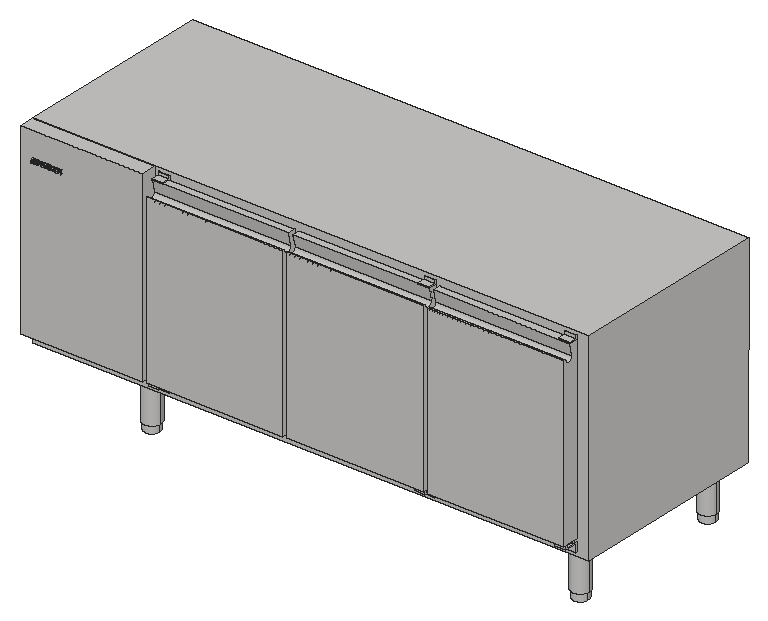
Revit family "QF_ALPENINOX_712679_AJ3F7AAA", category Specialty Equipment, Revit 2018 (continued)
Definition of nested family "APX_BI_BT_L_650"
  Lines and regions (mm)
    Split face 122
      outline origin (-5, -975.3, 50) x (1, 0, 0) y (0, 1, 0)
        loop
          line (-163.464, 661.474) -> (-121.464, 661.474)
          arc (-121.464, 661.474) -> (-117.464, 665.474) -> (-121.464, 669.474) r 4
          line (-121.464, 669.474) -> (-163.464, 669.474)
    Split face 123
      outline origin (325, -975.3, 50) x (1, 0, 0) y (0, 1, 0)
        loop
          arc (-328.464, 669.474) -> (-332.464, 665.474) -> (-328.464, 661.474) r 4
          line (-328.464, 661.474) -> (-286.464, 661.474)
          arc (-286.464, 661.474) -> (-282.464, 665.474) -> (-286.464, 669.474) r 4
          line (-286.464, 669.474) -> (-328.464, 669.474)
    Split face 124
      outline origin (105, -975.3, 50) x (1, 0, 0) y (0, 1, 0)
        loop
          arc (-218.464, 669.474) -> (-222.464, 665.474) -> (-218.464, 661.474) r 4
          line (-218.464, 661.474) -> (-176.464, 661.474)
          arc (-176.464, 661.474) -> (-172.464, 665.474) -> (-176.464, 669.474) r 4
          line (-176.464, 669.474) -> (-218.464, 669.474)
    Split face 125
      outline origin (215, -975.3, 50) x (1, 0, 0) y (0, 1, 0)
        loop
          arc (-273.464, 669.474) -> (-277.464, 665.474) -> (-273.464, 661.474) r 4
          line (-273.464, 661.474) -> (-231.464, 661.474)
          arc (-231.464, 661.474) -> (-227.464, 665.474) -> (-231.464, 669.474) r 4
          line (-231.464, 669.474) -> (-273.464, 669.474)
    Split face 126
      outline origin (-5, -999.3, 50) x (1, 0, 0) y (0, 1, 0)
        loop
          arc (-163.464, 681.474) -> (-167.464, 677.474) -> (-163.464, 673.474) r 4
          line (-163.464, 673.474) -> (-121.464, 673.474)
          arc (-121.464, 673.474) -> (-117.464, 677.474) -> (-121.464, 681.474) r 4
          line (-121.464, 681.474) -> (-163.464, 681.474)
    Split face 127
      outline origin (325, -999.3, 50) x (1, 0, 0) y (0, 1, 0)
        loop
          arc (-328.464, 681.474) -> (-332.464, 677.474) -> (-328.464, 673.474) r 4
          line (-328.464, 673.474) -> (-286.464, 673.474)
          arc (-286.464, 673.474) -> (-282.464, 677.474) -> (-286.464, 681.474) r 4
          line (-286.464, 681.474) -> (-328.464, 681.474)
    Split face 128
      outline origin (105, -999.3, 50) x (1, 0, 0) y (0, 1, 0)
        loop
          arc (-218.464, 681.474) -> (-222.464, 677.474) -> (-218.464, 673.474) r 4
          line (-218.464, 673.474) -> (-176.464, 673.474)
          arc (-176.464, 673.474) -> (-172.464, 677.474) -> (-176.464, 681.474) r 4
          line (-176.464, 681.474) -> (-218.464, 681.474)
    Split face 129
      outline origin (215, -999.3, 50) x (1, 0, 0) y (0, 1, 0)
        loop
          arc (-273.464, 681.474) -> (-277.464, 677.474) -> (-273.464, 673.474) r 4
          line (-273.464, 673.474) -> (-231.464, 673.474)
          arc (-231.464, 673.474) -> (-227.464, 677.474) -> (-231.464, 681.474) r 4
          line (-231.464, 681.474) -> (-273.464, 681.474)
    Split face 130
      outline origin (-5, -1023.3, 50) x (1, 0, 0) y (0, 1, 0)
        loop
          arc (-163.464, 693.474) -> (-167.464, 689.474) -> (-163.464, 685.474) r 4
          line (-163.464, 685.474) -> (-121.464, 685.474)
          arc (-121.464, 685.474) -> (-117.464, 689.474) -> (-121.464, 693.474) r 4
          line (-121.464, 693.474) -> (-163.464, 693.474)
    Split face 131
      outline origin (325, -1023.3, 50) x (1, 0, 0) y (0, 1, 0)
        loop
          arc (-328.464, 693.474) -> (-332.464, 689.474) -> (-328.464, 685.474) r 4
          line (-328.464, 685.474) -> (-286.464, 685.474)
          arc (-286.464, 685.474) -> (-282.464, 689.474) -> (-286.464, 693.474) r 4
          line (-286.464, 693.474) -> (-328.464, 693.474)
    Split face 132
      outline origin (105, -1023.3, 50) x (1, 0, 0) y (0, 1, 0)
        loop
          arc (-218.464, 693.474) -> (-222.464, 689.474) -> (-218.464, 685.474) r 4
          line (-218.464, 685.474) -> (-176.464, 685.474)
          arc (-176.464, 685.474) -> (-172.464, 689.474) -> (-176.464, 693.474) r 4
          line (-176.464, 693.474) -> (-218.464, 693.474)
    Split face 133
      outline origin (215, -1023.3, 50) x (1, 0, 0) y (0, 1, 0)
        loop
          arc (-273.464, 693.474) -> (-277.464, 689.474) -> (-273.464, 685.474) r 4
          line (-273.464, 685.474) -> (-231.464, 685.474)
          arc (-231.464, 685.474) -> (-227.464, 689.474) -> (-231.464, 693.474) r 4
          line (-231.464, 693.474) -> (-273.464, 693.474)
    Split face 134
      outline origin (0, 0, 50) x (1, 0, 0) y (0, 1, 0)
        loop
          arc (51.536, 131.824) -> (47.536, 127.824) -> (51.536, 123.824) r 4
          line (51.536, 123.824) -> (93.536, 123.824)
          arc (93.536, 123.824) -> (97.536, 127.824) -> (93.536, 131.824) r 4
          line (93.536, 131.824) -> (51.536, 131.824)
    Split face 135
      outline origin (0, 0, 50) x (1, 0, 0) y (0, 1, 0)
        loop
          arc (106.536, 131.824) -> (102.536, 127.824) -> (106.536, 123.824) r 4
          line (106.536, 123.824) -> (148.536, 123.824)
          arc (148.536, 123.824) -> (152.536, 127.824) -> (148.536, 131.824) r 4
          line (148.536, 131.824) -> (106.536, 131.824)
    Split face 136
      outline origin (0, -24, 50) x (1, 0, 0) y (0, 1, 0)
        loop
          arc (51.536, 143.824) -> (47.536, 139.824) -> (51.536, 135.824) r 4
          line (51.536, 135.824) -> (93.536, 135.824)
          arc (93.536, 135.824) -> (97.536, 139.824) -> (93.536, 143.824) r 4
          line (93.536, 143.824) -> (51.536, 143.824)
    Split face 137
      outline origin (0, -24, 50) x (1, 0, 0) y (0, 1, 0)
        loop
          arc (106.536, 143.824) -> (102.536, 139.824) -> (106.536, 135.824) r 4
          line (106.536, 135.824) -> (148.536, 135.824)
          arc (148.536, 135.824) -> (152.536, 139.824) -> (148.536, 143.824) r 4
          line (148.536, 143.824) -> (106.536, 143.824)
    Split face 138
      outline origin (0, -48, 50) x (1, 0, 0) y (0, 1, 0)
        loop
          arc (51.536, 155.824) -> (47.536, 151.824) -> (51.536, 147.824) r 4
          line (51.536, 147.824) -> (93.536, 147.824)
          arc (93.536, 147.824) -> (97.536, 151.824) -> (93.536, 155.824) r 4
          line (93.536, 155.824) -> (51.536, 155.824)
    Split face 139
      outline origin (0, -48, 50) x (1, 0, 0) y (0, 1, 0)
        loop
          arc (106.536, 155.824) -> (102.536, 151.824) -> (106.536, 147.824) r 4
          line (106.536, 147.824) -> (148.536, 147.824)
          arc (148.536, 147.824) -> (152.536, 151.824) -> (148.536, 155.824) r 4
          line (148.536, 155.824) -> (106.536, 155.824)
    Split face 140
      outline origin (0, -72, 50) x (1, 0, 0) y (0, 1, 0)
        loop
          arc (51.536, 167.824) -> (47.536, 163.824) -> (51.536, 159.824) r 4
          line (51.536, 159.824) -> (93.536, 159.824)
          arc (93.536, 159.824) -> (97.536, 163.824) -> (93.536, 167.824) r 4
          line (93.536, 167.824) -> (51.536, 167.824)
    Split face 141
      outline origin (0, -72, 50) x (1, 0, 0) y (0, 1, 0)
        loop
          arc (106.536, 167.824) -> (102.536, 163.824) -> (106.536, 159.824) r 4
          line (106.536, 159.824) -> (148.536, 159.824)
          arc (148.536, 159.824) -> (152.536, 163.824) -> (148.536, 167.824) r 4
          line (148.536, 167.824) -> (106.536, 167.824)
    Split face 142
      outline origin (0, -96, 50) x (1, 0, 0) y (0, 1, 0)
        loop
          arc (51.536, 179.824) -> (47.536, 175.824) -> (51.536, 171.824) r 4
          line (51.536, 171.824) -> (93.536, 171.824)
          arc (93.536, 171.824) -> (97.536, 175.824) -> (93.536, 179.824) r 4
          line (93.536, 179.824) -> (51.536, 179.824)
    Split face 143
      outline origin (0, -96, 50) x (1, 0, 0) y (0, 1, 0)
        loop
          arc (106.536, 179.824) -> (102.536, 175.824) -> (106.536, 171.824) r 4
          line (106.536, 171.824) -> (148.536, 171.824)
          arc (148.536, 171.824) -> (152.536, 175.824) -> (148.536, 179.824) r 4
          line (148.536, 179.824) -> (106.536, 179.824)
    Split face 144
      outline origin (0, -120, 50) x (1, 0, 0) y (0, 1, 0)
        loop
          arc (51.536, 191.824) -> (47.536, 187.824) -> (51.536, 183.824) r 4
          line (51.536, 183.824) -> (93.536, 183.824)
          arc (93.536, 183.824) -> (97.536, 187.824) -> (93.536, 191.824) r 4
          line (93.536, 191.824) -> (51.536, 191.824)
    Split face 145
      outline origin (0, -120, 50) x (1, 0, 0) y (0, 1, 0)
        loop
          arc (106.536, 191.824) -> (102.536, 187.824) -> (106.536, 183.824) r 4
          line (106.536, 183.824) -> (148.536, 183.824)
          arc (148.536, 183.824) -> (152.536, 187.824) -> (148.536, 191.824) r 4
          line (148.536, 191.824) -> (106.536, 191.824)
    Split face 146
      outline origin (0, -144, 50) x (1, 0, 0) y (0, 1, 0)
        loop
          arc (51.536, 203.824) -> (47.536, 199.824) -> (51.536, 195.824) r 4
          line (51.536, 195.824) -> (93.536, 195.824)
          arc (93.536, 195.824) -> (97.536, 199.824) -> (93.536, 203.824) r 4
          line (93.536, 203.824) -> (51.536, 203.824)
    Split face 147
      outline origin (0, -144, 50) x (1, 0, 0) y (0, 1, 0)
        loop
          arc (106.536, 203.824) -> (102.536, 199.824) -> (106.536, 195.824) r 4
          line (106.536, 195.824) -> (148.536, 195.824)
          arc (148.536, 195.824) -> (152.536, 199.824) -> (148.536, 203.824) r 4
          line (148.536, 203.824) -> (106.536, 203.824)
    Split face 148
      outline origin (0, -168, 50) x (1, 0, 0) y (0, 1, 0)
        loop
          arc (51.536, 215.824) -> (47.536, 211.824) -> (51.536, 207.824) r 4
          line (51.536, 207.824) -> (93.536, 207.824)
          arc (93.536, 207.824) -> (97.536, 211.824) -> (93.536, 215.824) r 4
          line (93.536, 215.824) -> (51.536, 215.824)
    Split face 149
      outline origin (0, -168, 50) x (1, 0, 0) y (0, 1, 0)
        loop
          arc (106.536, 215.824) -> (102.536, 211.824) -> (106.536, 207.824) r 4
          line (106.536, 207.824) -> (148.536, 207.824)
          arc (148.536, 207.824) -> (152.536, 211.824) -> (148.536, 215.824) r 4
          line (148.536, 215.824) -> (106.536, 215.824)
    Split face 150
      outline origin (0, -192, 50) x (1, 0, 0) y (0, 1, 0)
        loop
          arc (51.536, 227.824) -> (47.536, 223.824) -> (51.536, 219.824) r 4
          line (51.536, 219.824) -> (93.536, 219.824)
          arc (93.536, 219.824) -> (97.536, 223.824) -> (93.536, 227.824) r 4
          line (93.536, 227.824) -> (51.536, 227.824)
    Split face 151
      outline origin (0, -192, 50) x (1, 0, 0) y (0, 1, 0)
        loop
          arc (106.536, 227.824) -> (102.536, 223.824) -> (106.536, 219.824) r 4
          line (106.536, 219.824) -> (148.536, 219.824)
          arc (148.536, 219.824) -> (152.536, 223.824) -> (148.536, 227.824) r 4
          line (148.536, 227.824) -> (106.536, 227.824)
    Split face 152
      outline origin (0, -216, 50) x (1, 0, 0) y (0, 1, 0)
        loop
          arc (51.536, 239.824) -> (47.536, 235.824) -> (51.536, 231.824) r 4
          line (51.536, 231.824) -> (93.536, 231.824)
          arc (93.536, 231.824) -> (97.536, 235.824) -> (93.536, 239.824) r 4
          line (93.536, 239.824) -> (51.536, 239.824)
    Split face 153
      outline origin (0, -216, 50) x (1, 0, 0) y (0, 1, 0)
        loop
          arc (106.536, 239.824) -> (102.536, 235.824) -> (106.536, 231.824) r 4
          line (106.536, 231.824) -> (148.536, 231.824)
          arc (148.536, 231.824) -> (152.536, 235.824) -> (148.536, 239.824) r 4
          line (148.536, 239.824) -> (106.536, 239.824)
    Split face 154
      outline origin (0, -240, 50) x (1, 0, 0) y (0, 1, 0)
        loop
          arc (51.536, 251.824) -> (47.536, 247.824) -> (51.536, 243.824) r 4
          line (51.536, 243.824) -> (93.536, 243.824)
          arc (93.536, 243.824) -> (97.536, 247.824) -> (93.536, 251.824) r 4
          line (93.536, 251.824) -> (51.536, 251.824)
    Split face 155
      outline origin (0, -240, 50) x (1, 0, 0) y (0, 1, 0)
        loop
          arc (106.536, 251.824) -> (102.536, 247.824) -> (106.536, 243.824) r 4
          line (106.536, 243.824) -> (148.536, 243.824)
          arc (148.536, 243.824) -> (152.536, 247.824) -> (148.536, 251.824) r 4
          line (148.536, 251.824) -> (106.536, 251.824)
    Split face 156
      outline origin (0, -264, 50) x (1, 0, 0) y (0, 1, 0)
        loop
          arc (51.536, 263.824) -> (47.536, 259.824) -> (51.536, 255.824) r 4
          line (51.536, 255.824) -> (93.536, 255.824)
          arc (93.536, 255.824) -> (97.536, 259.824) -> (93.536, 263.824) r 4
          line (93.536, 263.824) -> (51.536, 263.824)
    Split face 157
      outline origin (0, -264, 50) x (1, 0, 0) y (0, 1, 0)
        loop
          arc (106.536, 263.824) -> (102.536, 259.824) -> (106.536, 255.824) r 4
          line (106.536, 255.824) -> (148.536, 255.824)
          arc (148.536, 255.824) -> (152.536, 259.824) -> (148.536, 263.824) r 4
          line (148.536, 263.824) -> (106.536, 263.824)
    Split face 158
      outline origin (0, -288, 50) x (1, 0, 0) y (0, 1, 0)
        loop
          arc (51.536, 275.824) -> (47.536, 271.824) -> (51.536, 267.824) r 4
          line (51.536, 267.824) -> (93.536, 267.824)
          arc (93.536, 267.824) -> (97.536, 271.824) -> (93.536, 275.824) r 4
          line (93.536, 275.824) -> (51.536, 275.824)
    Split face 159
      outline origin (0, -288, 50) x (1, 0, 0) y (0, 1, 0)
        loop
          arc (106.536, 275.824) -> (102.536, 271.824) -> (106.536, 267.824) r 4
          line (106.536, 267.824) -> (148.536, 267.824)
          arc (148.536, 267.824) -> (152.536, 271.824) -> (148.536, 275.824) r 4
          line (148.536, 275.824) -> (106.536, 275.824)
    Split face 160
      outline origin (0, -312, 50) x (1, 0, 0) y (0, 1, 0)
        loop
          arc (51.536, 287.824) -> (47.536, 283.824) -> (51.536, 279.824) r 4
          line (51.536, 279.824) -> (93.536, 279.824)
          arc (93.536, 279.824) -> (97.536, 283.824) -> (93.536, 287.824) r 4
          line (93.536, 287.824) -> (51.536, 287.824)
    Split face 161
      outline origin (0, -312, 50) x (1, 0, 0) y (0, 1, 0)
        loop
          arc (106.536, 287.824) -> (102.536, 283.824) -> (106.536, 279.824) r 4
          line (106.536, 279.824) -> (148.536, 279.824)
          arc (148.536, 279.824) -> (152.536, 283.824) -> (148.536, 287.824) r 4
          line (148.536, 287.824) -> (106.536, 287.824)
    Split face 162
      outline origin (0, -336, 50) x (1, 0, 0) y (0, 1, 0)
        loop
          arc (51.536, 299.824) -> (47.536, 295.824) -> (51.536, 291.824) r 4
          line (51.536, 291.824) -> (93.536, 291.824)
          arc (93.536, 291.824) -> (97.536, 295.824) -> (93.536, 299.824) r 4
          line (93.536, 299.824) -> (51.536, 299.824)
    Split face 163
      outline origin (0, -336, 50) x (1, 0, 0) y (0, 1, 0)
        loop
          arc (106.536, 299.824) -> (102.536, 295.824) -> (106.536, 291.824) r 4
          line (106.536, 291.824) -> (148.536, 291.824)
          arc (148.536, 291.824) -> (152.536, 295.824) -> (148.536, 299.824) r 4
          line (148.536, 299.824) -> (106.536, 299.824)
    Split face 164
      outline origin (0, -360, 50) x (1, 0, 0) y (0, 1, 0)
        loop
          arc (51.536, 311.824) -> (47.536, 307.824) -> (51.536, 303.824) r 4
          line (51.536, 303.824) -> (93.536, 303.824)
          arc (93.536, 303.824) -> (97.536, 307.824) -> (93.536, 311.824) r 4
          line (93.536, 311.824) -> (51.536, 311.824)
    Split face 165
      outline origin (0, -360, 50) x (1, 0, 0) y (0, 1, 0)
        loop
          arc (106.536, 311.824) -> (102.536, 307.824) -> (106.536, 303.824) r 4
          line (106.536, 303.824) -> (148.536, 303.824)
          arc (148.536, 303.824) -> (152.536, 307.824) -> (148.536, 311.824) r 4
          line (148.536, 311.824) -> (106.536, 311.824)
    Split face 166
      outline origin (0, -663.3, 50) x (1, 0, 0) y (0, 1, 0)
        loop
          arc (51.536, 513.474) -> (47.536, 509.474) -> (51.536, 505.474) r 4
          line (51.536, 505.474) -> (93.536, 505.474)
          arc (93.536, 505.474) -> (97.536, 509.474) -> (93.536, 513.474) r 4
          line (93.536, 513.474) -> (51.536, 513.474)
    Split face 167
      outline origin (0, -663.3, 50) x (1, 0, 0) y (0, 1, 0)
        loop
          arc (106.536, 513.474) -> (102.536, 509.474) -> (106.536, 505.474) r 4
          line (106.536, 505.474) -> (148.536, 505.474)
          arc (148.536, 505.474) -> (152.536, 509.474) -> (148.536, 513.474) r 4
          line (148.536, 513.474) -> (106.536, 513.474)
    Split face 168
      outline origin (0, -687.3, 50) x (1, 0, 0) y (0, 1, 0)
        loop
          arc (51.536, 525.474) -> (47.536, 521.474) -> (51.536, 517.474) r 4
          line (51.536, 517.474) -> (93.536, 517.474)
          arc (93.536, 517.474) -> (97.536, 521.474) -> (93.536, 525.474) r 4
          line (93.536, 525.474) -> (51.536, 525.474)
    Split face 169
      outline origin (0, -687.3, 50) x (1, 0, 0) y (0, 1, 0)
        loop
          arc (106.536, 525.474) -> (102.536, 521.474) -> (106.536, 517.474) r 4
          line (106.536, 517.474) -> (148.536, 517.474)
          arc (148.536, 517.474) -> (152.536, 521.474) -> (148.536, 525.474) r 4
          line (148.536, 525.474) -> (106.536, 525.474)
    Split face 170
      outline origin (0, -711.3, 50) x (1, 0, 0) y (0, 1, 0)
        loop
          arc (51.536, 537.474) -> (47.536, 533.474) -> (51.536, 529.474) r 4
          line (51.536, 529.474) -> (93.536, 529.474)
          arc (93.536, 529.474) -> (97.536, 533.474) -> (93.536, 537.474) r 4
          line (93.536, 537.474) -> (51.536, 537.474)
    Split face 171
      outline origin (0, -711.3, 50) x (1, 0, 0) y (0, 1, 0)
        loop
          arc (106.536, 537.474) -> (102.536, 533.474) -> (106.536, 529.474) r 4
          line (106.536, 529.474) -> (148.536, 529.474)
          arc (148.536, 529.474) -> (152.536, 533.474) -> (148.536, 537.474) r 4
          line (148.536, 537.474) -> (106.536, 537.474)
    Split face 172
      outline origin (0, -735.3, 50) x (1, 0, 0) y (0, 1, 0)
        loop
          arc (51.536, 549.474) -> (47.536, 545.474) -> (51.536, 541.474) r 4
          line (51.536, 541.474) -> (93.536, 541.474)
          arc (93.536, 541.474) -> (97.536, 545.474) -> (93.536, 549.474) r 4
          line (93.536, 549.474) -> (51.536, 549.474)
    Split face 173
      outline origin (0, -735.3, 50) x (1, 0, 0) y (0, 1, 0)
        loop
          arc (106.536, 549.474) -> (102.536, 545.474) -> (106.536, 541.474) r 4
          line (106.536, 541.474) -> (148.536, 541.474)
          arc (148.536, 541.474) -> (152.536, 545.474) -> (148.536, 549.474) r 4
          line (148.536, 549.474) -> (106.536, 549.474)
    Split face 174
      outline origin (0, -759.3, 50) x (1, 0, 0) y (0, 1, 0)
        loop
          arc (51.536, 561.474) -> (47.536, 557.474) -> (51.536, 553.474) r 4
          line (51.536, 553.474) -> (93.536, 553.474)
          arc (93.536, 553.474) -> (97.536, 557.474) -> (93.536, 561.474) r 4
          line (93.536, 561.474) -> (51.536, 561.474)
    Split face 175
      outline origin (0, -759.3, 50) x (1, 0, 0) y (0, 1, 0)
        loop
          arc (106.536, 561.474) -> (102.536, 557.474) -> (106.536, 553.474) r 4
          line (106.536, 553.474) -> (148.536, 553.474)
          arc (148.536, 553.474) -> (152.536, 557.474) -> (148.536, 561.474) r 4
          line (148.536, 561.474) -> (106.536, 561.474)
    Split face 176
      outline origin (0, -783.3, 50) x (1, 0, 0) y (0, 1, 0)
        loop
          arc (51.536, 573.474) -> (47.536, 569.474) -> (51.536, 565.474) r 4
          line (51.536, 565.474) -> (93.536, 565.474)
          arc (93.536, 565.474) -> (97.536, 569.474) -> (93.536, 573.474) r 4
          line (93.536, 573.474) -> (51.536, 573.474)
    Split face 177
      outline origin (0, -783.3, 50) x (1, 0, 0) y (0, 1, 0)
        loop
          arc (106.536, 573.474) -> (102.536, 569.474) -> (106.536, 565.474) r 4
          line (106.536, 565.474) -> (148.536, 565.474)
          arc (148.536, 565.474) -> (152.536, 569.474) -> (148.536, 573.474) r 4
          line (148.536, 573.474) -> (106.536, 573.474)
    Split face 178
      outline origin (0, -807.3, 50) x (1, 0, 0) y (0, 1, 0)
        loop
          arc (51.536, 585.474) -> (47.536, 581.474) -> (51.536, 577.474) r 4
          line (51.536, 577.474) -> (93.536, 577.474)
          arc (93.536, 577.474) -> (97.536, 581.474) -> (93.536, 585.474) r 4
          line (93.536, 585.474) -> (51.536, 585.474)
    Split face 179
      outline origin (0, -807.3, 50) x (1, 0, 0) y (0, 1, 0)
        loop
          arc (106.536, 585.474) -> (102.536, 581.474) -> (106.536, 577.474) r 4
          line (106.536, 577.474) -> (148.536, 577.474)
          arc (148.536, 577.474) -> (152.536, 581.474) -> (148.536, 585.474) r 4
          line (148.536, 585.474) -> (106.536, 585.474)
    Split face 180
      outline origin (0, -831.3, 50) x (1, 0, 0) y (0, 1, 0)
        loop
          arc (51.536, 597.474) -> (47.536, 593.474) -> (51.536, 589.474) r 4
          line (51.536, 589.474) -> (93.536, 589.474)
          arc (93.536, 589.474) -> (97.536, 593.474) -> (93.536, 597.474) r 4
          line (93.536, 597.474) -> (51.536, 597.474)
    Split face 181
      outline origin (0, -831.3, 50) x (1, 0, 0) y (0, 1, 0)
        loop
          arc (106.536, 597.474) -> (102.536, 593.474) -> (106.536, 589.474) r 4
          line (106.536, 589.474) -> (148.536, 589.474)
          arc (148.536, 589.474) -> (152.536, 593.474) -> (148.536, 597.474) r 4
          line (148.536, 597.474) -> (106.536, 597.474)
    Split face 182
      outline origin (0, -855.3, 50) x (1, 0, 0) y (0, 1, 0)
        loop
          arc (51.536, 609.474) -> (47.536, 605.474) -> (51.536, 601.474) r 4
          line (51.536, 601.474) -> (93.536, 601.474)
          arc (93.536, 601.474) -> (97.536, 605.474) -> (93.536, 609.474) r 4
          line (93.536, 609.474) -> (51.536, 609.474)
    Split face 183
      outline origin (0, -855.3, 50) x (1, 0, 0) y (0, 1, 0)
        loop
          arc (106.536, 609.474) -> (102.536, 605.474) -> (106.536, 601.474) r 4
          line (106.536, 601.474) -> (148.536, 601.474)
          arc (148.536, 601.474) -> (152.536, 605.474) -> (148.536, 609.474) r 4
          line (148.536, 609.474) -> (106.536, 609.474)
    Split face 184
      outline origin (0, -879.3, 50) x (1, 0, 0) y (0, 1, 0)
        loop
          arc (51.536, 621.474) -> (47.536, 617.474) -> (51.536, 613.474) r 4
          line (51.536, 613.474) -> (93.536, 613.474)
          arc (93.536, 613.474) -> (97.536, 617.474) -> (93.536, 621.474) r 4
          line (93.536, 621.474) -> (51.536, 621.474)
    Split face 185
      outline origin (0, -879.3, 50) x (1, 0, 0) y (0, 1, 0)
        loop
          arc (106.536, 621.474) -> (102.536, 617.474) -> (106.536, 613.474) r 4
          line (106.536, 613.474) -> (148.536, 613.474)
          arc (148.536, 613.474) -> (152.536, 617.474) -> (148.536, 621.474) r 4
          line (148.536, 621.474) -> (106.536, 621.474)
    Split face 186
      outline origin (0, -903.3, 50) x (1, 0, 0) y (0, 1, 0)
        loop
          arc (51.536, 633.474) -> (47.536, 629.474) -> (51.536, 625.474) r 4
          line (51.536, 625.474) -> (93.536, 625.474)
          arc (93.536, 625.474) -> (97.536, 629.474) -> (93.536, 633.474) r 4
          line (93.536, 633.474) -> (51.536, 633.474)
    Split face 187
      outline origin (0, -903.3, 50) x (1, 0, 0) y (0, 1, 0)
        loop
          arc (106.536, 633.474) -> (102.536, 629.474) -> (106.536, 625.474) r 4
          line (106.536, 625.474) -> (148.536, 625.474)
          arc (148.536, 625.474) -> (152.536, 629.474) -> (148.536, 633.474) r 4
          line (148.536, 633.474) -> (106.536, 633.474)
    Split face 188
      outline origin (0, -927.3, 50) x (1, 0, 0) y (0, 1, 0)
        loop
          arc (51.536, 645.474) -> (47.536, 641.474) -> (51.536, 637.474) r 4
          line (51.536, 637.474) -> (93.536, 637.474)
          arc (93.536, 637.474) -> (97.536, 641.474) -> (93.536, 645.474) r 4
          line (93.536, 645.474) -> (51.536, 645.474)
    Split face 189
      outline origin (0, -927.3, 50) x (1, 0, 0) y (0, 1, 0)
        loop
          arc (106.536, 645.474) -> (102.536, 641.474) -> (106.536, 637.474) r 4
          line (106.536, 637.474) -> (148.536, 637.474)
          arc (148.536, 637.474) -> (152.536, 641.474) -> (148.536, 645.474) r 4
          line (148.536, 645.474) -> (106.536, 645.474)
    Split face 190
      outline origin (0, -951.3, 50) x (1, 0, 0) y (0, 1, 0)
        loop
          arc (51.536, 657.474) -> (47.536, 653.474) -> (51.536, 649.474) r 4
          line (51.536, 649.474) -> (93.536, 649.474)
          arc (93.536, 649.474) -> (97.536, 653.474) -> (93.536, 657.474) r 4
          line (93.536, 657.474) -> (51.536, 657.474)
    Split face 191
      outline origin (0, -951.3, 50) x (1, 0, 0) y (0, 1, 0)
        loop
          arc (106.536, 657.474) -> (102.536, 653.474) -> (106.536, 649.474) r 4
          line (106.536, 649.474) -> (148.536, 649.474)
          arc (148.536, 649.474) -> (152.536, 653.474) -> (148.536, 657.474) r 4
          line (148.536, 657.474) -> (106.536, 657.474)
    Split face 192
      outline origin (0, -975.3, 50) x (1, 0, 0) y (0, 1, 0)
        loop
          arc (51.536, 669.474) -> (47.536, 665.474) -> (51.536, 661.474) r 4
          line (51.536, 661.474) -> (93.536, 661.474)
          arc (93.536, 661.474) -> (97.536, 665.474) -> (93.536, 669.474) r 4
          line (93.536, 669.474) -> (51.536, 669.474)
    Split face 193
      outline origin (0, -975.3, 50) x (1, 0, 0) y (0, 1, 0)
        loop
          arc (106.536, 669.474) -> (102.536, 665.474) -> (106.536, 661.474) r 4
          line (106.536, 661.474) -> (148.536, 661.474)
          arc (148.536, 661.474) -> (152.536, 665.474) -> (148.536, 669.474) r 4
          line (148.536, 669.474) -> (106.536, 669.474)
    Split face 194
      outline origin (0, -999.3, 50) x (1, 0, 0) y (0, 1, 0)
        loop
          arc (51.536, 681.474) -> (47.536, 677.474) -> (51.536, 673.474) r 4
          line (51.536, 673.474) -> (93.536, 673.474)
          arc (93.536, 673.474) -> (97.536, 677.474) -> (93.536, 681.474) r 4
          line (93.536, 681.474) -> (51.536, 681.474)
    Split face 195
      outline origin (0, -999.3, 50) x (1, 0, 0) y (0, 1, 0)
        loop
          arc (106.536, 681.474) -> (102.536, 677.474) -> (106.536, 673.474) r 4
          line (106.536, 673.474) -> (148.536, 673.474)
          arc (148.536, 673.474) -> (152.536, 677.474) -> (148.536, 681.474) r 4
          line (148.536, 681.474) -> (106.536, 681.474)
    Split face 196
      outline origin (0, -1023.3, 50) x (1, 0, 0) y (0, 1, 0)
        loop
          arc (51.536, 693.474) -> (47.536, 689.474) -> (51.536, 685.474) r 4
          line (51.536, 685.474) -> (93.536, 685.474)
          arc (93.536, 685.474) -> (97.536, 689.474) -> (93.536, 693.474) r 4
          line (93.536, 693.474) -> (51.536, 693.474)
    Split face 197
      outline origin (0, -1023.3, 50) x (1, 0, 0) y (0, 1, 0)
        loop
          arc (106.536, 693.474) -> (102.536, 689.474) -> (106.536, 685.474) r 4
          line (106.536, 685.474) -> (148.536, 685.474)
          arc (148.536, 685.474) -> (152.536, 689.474) -> (148.536, 693.474) r 4
          line (148.536, 693.474) -> (106.536, 693.474)
    Split face 198
      outline origin (100, 0, 50) x (1, 0, 0) y (0, 1, 0)
        loop
          line (87.08, 183) -> (-272.92, 183)
          arc (-272.92, 183) -> (-290.42, 165.5) -> (-272.92, 148) r 17.5
          line (-272.92, 148) -> (87.08, 148)
    symbolic lines
      curve 1: line (187.08, -49, 50) -> (187.08, -49, 0)
  Dimensions and locks
    equal spacing: plane 4, plane 3 "Center (Left/Right)", plane 5
    equal spacing: plane 6, plane 1 "Center (Front/Back)", plane 7
    aligned and locked: plane 2 to Extrusion 1
    aligned and locked: level to Extrusion 1
  Automatic sketch dimensions
    Split face 4 sketch curve to Split face 4 sketch curve = 42 mm
    Split face 4 sketch curve to Split face 4 sketch curve = 4 mm
    Split face 5 sketch curve to Split face 5 sketch curve = 42 mm
    Split face 5 sketch curve to Split face 5 sketch curve = 4 mm
    Split face 6 sketch curve to Split face 6 sketch curve = 42 mm
    Split face 6 sketch curve to Split face 6 sketch curve = 4 mm
    Split face 7 sketch curve to Split face 7 sketch curve = 42 mm
    Split face 7 sketch curve to Split face 7 sketch curve = 4 mm
    Split face 8 sketch curve to Split face 8 sketch curve = 42 mm
    Split face 8 sketch curve to Split face 8 sketch curve = 4 mm
    Split face 9 sketch curve to Split face 9 sketch curve = 42 mm
    Split face 9 sketch curve to Split face 9 sketch curve = 4 mm
    Split face 10 sketch curve to Split face 10 sketch curve = 42 mm
    Split face 10 sketch curve to Split face 10 sketch curve = 4 mm
    Split face 11 sketch curve to Split face 11 sketch curve = 42 mm
    Split face 11 sketch curve to Split face 11 sketch curve = 4 mm
    Split face 12 sketch curve to Split face 12 sketch curve = 42 mm
    Split face 12 sketch curve to Split face 12 sketch curve = 4 mm
    Split face 13 sketch curve to Split face 13 sketch curve = 42 mm
    Split face 13 sketch curve to Split face 13 sketch curve = 4 mm
    Split face 14 sketch curve to Split face 14 sketch curve = 42 mm
    Split face 14 sketch curve to Split face 14 sketch curve = 4 mm
    Split face 15 sketch curve to Split face 15 sketch curve = 42 mm
    Split face 15 sketch curve to Split face 15 sketch curve = 4 mm
    Split face 16 sketch curve to Split face 16 sketch curve = 42 mm
    Split face 16 sketch curve to Split face 16 sketch curve = 4 mm
    Split face 17 sketch curve to Split face 17 sketch curve = 42 mm
    Split face 17 sketch curve to Split face 17 sketch curve = 4 mm
    Split face 18 sketch curve to Split face 18 sketch curve = 42 mm
    Split face 18 sketch curve to Split face 18 sketch curve = 4 mm
    Split face 19 sketch curve to Split face 19 sketch curve = 42 mm
    Split face 19 sketch curve to Split face 19 sketch curve = 4 mm
    Split face 20 sketch curve to Split face 20 sketch curve = 42 mm
    Split face 20 sketch curve to Split face 20 sketch curve = 4 mm
    Split face 21 sketch curve to Split face 21 sketch curve = 42 mm
    Split face 21 sketch curve to Split face 21 sketch curve = 4 mm
    Split face 22 sketch curve to Split face 22 sketch curve = 42 mm
    Split face 22 sketch curve to Split face 22 sketch curve = 4 mm
    Split face 23 sketch curve to Split face 23 sketch curve = 42 mm
    Split face 23 sketch curve to Split face 23 sketch curve = 4 mm
    Split face 24 sketch curve to Split face 24 sketch curve = 42 mm
    Split face 24 sketch curve to Split face 24 sketch curve = 4 mm
    Split face 25 sketch curve to Split face 25 sketch curve = 42 mm
    Split face 25 sketch curve to Split face 25 sketch curve = 4 mm
    Split face 26 sketch curve to Split face 26 sketch curve = 42 mm
    Split face 26 sketch curve to Split face 26 sketch curve = 4 mm
    Split face 27 sketch curve to Split face 27 sketch curve = 42 mm
    Split face 27 sketch curve to Split face 27 sketch curve = 4 mm
    Split face 28 sketch curve to Split face 28 sketch curve = 42 mm
    Split face 28 sketch curve to Split face 28 sketch curve = 4 mm
    Split face 29 sketch curve to Split face 29 sketch curve = 42 mm
    Split face 29 sketch curve to Split face 29 sketch curve = 4 mm
    Split face 30 sketch curve to Split face 30 sketch curve = 42 mm
    Split face 30 sketch curve to Split face 30 sketch curve = 4 mm
    Split face 31 sketch curve to Split face 31 sketch curve = 42 mm
    Split face 31 sketch curve to Split face 31 sketch curve = 4 mm
    Split face 32 sketch curve to Split face 32 sketch curve = 42 mm
    Split face 32 sketch curve to Split face 32 sketch curve = 4 mm
    Split face 33 sketch curve to Split face 33 sketch curve = 42 mm
    Split face 33 sketch curve to Split face 33 sketch curve = 4 mm
    Split face 34 sketch curve to Split face 34 sketch curve = 42 mm
    Split face 34 sketch curve to Split face 34 sketch curve = 4 mm
    Split face 35 sketch curve to Split face 35 sketch curve = 42 mm
    Split face 35 sketch curve to Split face 35 sketch curve = 4 mm
    Split face 36 sketch curve to Split face 36 sketch curve = 42 mm
    Split face 36 sketch curve to Split face 36 sketch curve = 4 mm
    Split face 37 sketch curve to Split face 37 sketch curve = 42 mm
    Split face 37 sketch curve to Split face 37 sketch curve = 4 mm
    Split face 38 sketch curve to Split face 38 sketch curve = 42 mm
    Split face 38 sketch curve to Split face 38 sketch curve = 4 mm
    Split face 39 sketch curve to Split face 39 sketch curve = 42 mm
    Split face 39 sketch curve to Split face 39 sketch curve = 4 mm
    Split face 40 sketch curve to Split face 40 sketch curve = 42 mm
    Split face 40 sketch curve to Split face 40 sketch curve = 4 mm
    Split face 41 sketch curve to Split face 41 sketch curve = 42 mm
    Split face 41 sketch curve to Split face 41 sketch curve = 4 mm
    Split face 42 sketch curve to Split face 42 sketch curve = 42 mm
    Split face 42 sketch curve to Split face 42 sketch curve = 4 mm
    Split face 43 sketch curve to Split face 43 sketch curve = 42 mm
    Split face 43 sketch curve to Split face 43 sketch curve = 4 mm
    Split face 44 sketch curve to Split face 44 sketch curve = 42 mm
    Split face 44 sketch curve to Split face 44 sketch curve = 4 mm
    Split face 45 sketch curve to Split face 45 sketch curve = 42 mm
    Split face 45 sketch curve to Split face 45 sketch curve = 4 mm
    Split face 46 sketch curve to Split face 46 sketch curve = 42 mm
    Split face 46 sketch curve to Split face 46 sketch curve = 4 mm
    Split face 47 sketch curve to Split face 47 sketch curve = 42 mm
    Split face 47 sketch curve to Split face 47 sketch curve = 4 mm
    Split face 48 sketch curve to Split face 48 sketch curve = 42 mm
    Split face 48 sketch curve to Split face 48 sketch curve = 4 mm
    Split face 49 sketch curve to Split face 49 sketch curve = 42 mm
    Split face 49 sketch curve to Split face 49 sketch curve = 4 mm
    Split face 50 sketch curve to Split face 50 sketch curve = 42 mm
    Split face 50 sketch curve to Split face 50 sketch curve = 4 mm
    Split face 51 sketch curve to Split face 51 sketch curve = 42 mm
    Split face 51 sketch curve to Split face 51 sketch curve = 4 mm
    Split face 52 sketch curve to Split face 52 sketch curve = 42 mm
    Split face 52 sketch curve to Split face 52 sketch curve = 4 mm
    Split face 53 sketch curve to Split face 53 sketch curve = 42 mm
    Split face 53 sketch curve to Split face 53 sketch curve = 4 mm
    Split face 54 sketch curve to Split face 54 sketch curve = 42 mm
    Split face 54 sketch curve to Split face 54 sketch curve = 4 mm
    Split face 55 sketch curve to Split face 55 sketch curve = 42 mm
    Split face 55 sketch curve to Split face 55 sketch curve = 4 mm
    Split face 56 sketch curve to Split face 56 sketch curve = 42 mm
    Split face 56 sketch curve to Split face 56 sketch curve = 4 mm
    Split face 57 sketch curve to Split face 57 sketch curve = 42 mm
    Split face 57 sketch curve to Split face 57 sketch curve = 4 mm
    Split face 58 sketch curve to Split face 58 sketch curve = 42 mm
    Split face 58 sketch curve to Split face 58 sketch curve = 4 mm
    Split face 59 sketch curve to Split face 59 sketch curve = 42 mm
    Split face 59 sketch curve to Split face 59 sketch curve = 4 mm
    Split face 60 sketch curve to Split face 60 sketch curve = 42 mm
    Split face 60 sketch curve to Split face 60 sketch curve = 4 mm
    Split face 61 sketch curve to Split face 61 sketch curve = 42 mm
    Split face 61 sketch curve to Split face 61 sketch curve = 4 mm
    Split face 62 sketch curve to Split face 62 sketch curve = 42 mm
    Split face 62 sketch curve to Split face 62 sketch curve = 4 mm
    Split face 63 sketch curve to Split face 63 sketch curve = 42 mm
    Split face 63 sketch curve to Split face 63 sketch curve = 4 mm
    Split face 64 sketch curve to Split face 64 sketch curve = 42 mm
    Split face 64 sketch curve to Split face 64 sketch curve = 4 mm
    Split face 65 sketch curve to Split face 65 sketch curve = 42 mm
    Split face 65 sketch curve to Split face 65 sketch curve = 4 mm
    Split face 66 sketch curve to Split face 66 sketch curve = 42 mm
    Split face 66 sketch curve to Split face 66 sketch curve = 4 mm
    Split face 67 sketch curve to Split face 67 sketch curve = 42 mm
    Split face 67 sketch curve to Split face 67 sketch curve = 4 mm
    Split face 68 sketch curve to Split face 68 sketch curve = 42 mm
    Split face 68 sketch curve to Split face 68 sketch curve = 4 mm
    Split face 70 sketch curve to Split face 70 sketch curve = 42 mm
    Split face 70 sketch curve to Split face 70 sketch curve = 4 mm
    Split face 71 sketch curve to Split face 71 sketch curve = 42 mm
    Split face 71 sketch curve to Split face 71 sketch curve = 4 mm
    Split face 72 sketch curve to Split face 72 sketch curve = 42 mm
    Split face 72 sketch curve to Split face 72 sketch curve = 4 mm
    Split face 73 sketch curve to Split face 73 sketch curve = 42 mm
    Split face 73 sketch curve to Split face 73 sketch curve = 4 mm
    Split face 74 sketch curve to Split face 74 sketch curve = 42 mm
    Split face 74 sketch curve to Split face 74 sketch curve = 4 mm
    Split face 75 sketch curve to Split face 75 sketch curve = 42 mm
    Split face 75 sketch curve to Split face 75 sketch curve = 4 mm
    Split face 76 sketch curve to Split face 76 sketch curve = 42 mm
    Split face 76 sketch curve to Split face 76 sketch curve = 4 mm
    Split face 77 sketch curve to Split face 77 sketch curve = 42 mm
    Split face 77 sketch curve to Split face 77 sketch curve = 4 mm
    Split face 78 sketch curve to Split face 78 sketch curve = 42 mm
    Split face 78 sketch curve to Split face 78 sketch curve = 4 mm
    Split face 79 sketch curve to Split face 79 sketch curve = 42 mm
    Split face 79 sketch curve to Split face 79 sketch curve = 4 mm
    Split face 80 sketch curve to Split face 80 sketch curve = 42 mm
    Split face 80 sketch curve to Split face 80 sketch curve = 4 mm
    Split face 81 sketch curve to Split face 81 sketch curve = 42 mm
    Split face 81 sketch curve to Split face 81 sketch curve = 4 mm
    Split face 82 sketch curve to Split face 82 sketch curve = 42 mm
    Split face 82 sketch curve to Split face 82 sketch curve = 4 mm
    Split face 83 sketch curve to Split face 83 sketch curve = 42 mm
    Split face 83 sketch curve to Split face 83 sketch curve = 4 mm
    Split face 84 sketch curve to Split face 84 sketch curve = 42 mm
    Split face 84 sketch curve to Split face 84 sketch curve = 4 mm
    Split face 85 sketch curve to Split face 85 sketch curve = 42 mm
    Split face 85 sketch curve to Split face 85 sketch curve = 4 mm
    Split face 86 sketch curve to Split face 86 sketch curve = 42 mm
    Split face 86 sketch curve to Split face 86 sketch curve = 4 mm
    Split face 87 sketch curve to Split face 87 sketch curve = 42 mm
    Split face 87 sketch curve to Split face 87 sketch curve = 4 mm
    Split face 88 sketch curve to Split face 88 sketch curve = 42 mm
    Split face 88 sketch curve to Split face 88 sketch curve = 4 mm
    Split face 89 sketch curve to Split face 89 sketch curve = 42 mm
    Split face 89 sketch curve to Split face 89 sketch curve = 4 mm
    Split face 90 sketch curve to Split face 90 sketch curve = 42 mm
    Split face 90 sketch curve to Split face 90 sketch curve = 4 mm
    Split face 91 sketch curve to Split face 91 sketch curve = 42 mm
    Split face 91 sketch curve to Split face 91 sketch curve = 4 mm
    Split face 92 sketch curve to Split face 92 sketch curve = 42 mm
    Split face 92 sketch curve to Split face 92 sketch curve = 4 mm
    Split face 93 sketch curve to Split face 93 sketch curve = 42 mm
    Split face 93 sketch curve to Split face 93 sketch curve = 4 mm
    Split face 94 sketch curve to Split face 94 sketch curve = 42 mm
    Split face 94 sketch curve to Split face 94 sketch curve = 4 mm
    Split face 95 sketch curve to Split face 95 sketch curve = 42 mm
    Split face 95 sketch curve to Split face 95 sketch curve = 4 mm
    Split face 96 sketch curve to Split face 96 sketch curve = 42 mm
    Split face 96 sketch curve to Split face 96 sketch curve = 4 mm
    Split face 97 sketch curve to Split face 97 sketch curve = 42 mm
    Split face 97 sketch curve to Split face 97 sketch curve = 4 mm
    Split face 98 sketch curve to Split face 98 sketch curve = 42 mm
    Split face 98 sketch curve to Split face 98 sketch curve = 4 mm
    Split face 99 sketch curve to Split face 99 sketch curve = 42 mm
    Split face 99 sketch curve to Split face 99 sketch curve = 4 mm
    Split face 100 sketch curve to Split face 100 sketch curve = 42 mm
    Split face 100 sketch curve to Split face 100 sketch curve = 4 mm
    Split face 101 sketch curve to Split face 101 sketch curve = 42 mm
    Split face 101 sketch curve to Split face 101 sketch curve = 4 mm
    Split face 102 sketch curve to Split face 102 sketch curve = 42 mm
    Split face 102 sketch curve to Split face 102 sketch curve = 4 mm
    Split face 103 sketch curve to Split face 103 sketch curve = 42 mm
    Split face 103 sketch curve to Split face 103 sketch curve = 4 mm
    Split face 104 sketch curve to Split face 104 sketch curve = 42 mm
    Split face 104 sketch curve to Split face 104 sketch curve = 4 mm
    Split face 105 sketch curve to Split face 105 sketch curve = 42 mm
    Split face 105 sketch curve to Split face 105 sketch curve = 4 mm
    Split face 106 sketch curve to Split face 106 sketch curve = 42 mm
    Split face 106 sketch curve to Split face 106 sketch curve = 4 mm
    Split face 107 sketch curve to Split face 107 sketch curve = 42 mm
    Split face 107 sketch curve to Split face 107 sketch curve = 4 mm
    Split face 108 sketch curve to Split face 108 sketch curve = 42 mm
    Split face 108 sketch curve to Split face 108 sketch curve = 4 mm
    Split face 109 sketch curve to Split face 109 sketch curve = 42 mm
    Split face 109 sketch curve to Split face 109 sketch curve = 4 mm
    Split face 110 sketch curve to Split face 110 sketch curve = 42 mm
    Split face 110 sketch curve to Split face 110 sketch curve = 4 mm
    Split face 111 sketch curve to Split face 111 sketch curve = 42 mm
    Split face 111 sketch curve to Split face 111 sketch curve = 4 mm
    Split face 112 sketch curve to Split face 112 sketch curve = 42 mm
    Split face 112 sketch curve to Split face 112 sketch curve = 4 mm
    Split face 113 sketch curve to Split face 113 sketch curve = 42 mm
    Split face 113 sketch curve to Split face 113 sketch curve = 4 mm
    Split face 114 sketch curve to Split face 114 sketch curve = 42 mm
    Split face 114 sketch curve to Split face 114 sketch curve = 4 mm
    Split face 115 sketch curve to Split face 115 sketch curve = 42 mm
    Split face 115 sketch curve to Split face 115 sketch curve = 4 mm
    Split face 116 sketch curve to Split face 116 sketch curve = 42 mm
    Split face 116 sketch curve to Split face 116 sketch curve = 4 mm
    Split face 117 sketch curve to Split face 117 sketch curve = 42 mm
    Split face 117 sketch curve to Split face 117 sketch curve = 4 mm
    Split face 118 sketch curve to Split face 118 sketch curve = 42 mm
    Split face 118 sketch curve to Split face 118 sketch curve = 4 mm
    Split face 119 sketch curve to Split face 119 sketch curve = 42 mm
    Split face 119 sketch curve to Split face 119 sketch curve = 4 mm
    Split face 120 sketch curve to Split face 120 sketch curve = 42 mm
    Split face 120 sketch curve to Split face 120 sketch curve = 4 mm
    Split face 121 sketch curve to Split face 121 sketch curve = 42 mm
    Split face 121 sketch curve to Split face 121 sketch curve = 4 mm
    Split face 122 sketch curve to Split face 122 sketch curve = 42 mm
    Split face 122 sketch curve to Split face 122 sketch curve = 4 mm
    Split face 123 sketch curve to Split face 123 sketch curve = 42 mm
    Split face 123 sketch curve to Split face 123 sketch curve = 4 mm
    Split face 124 sketch curve to Split face 124 sketch curve = 42 mm
    Split face 124 sketch curve to Split face 124 sketch curve = 4 mm
    Split face 125 sketch curve to Split face 125 sketch curve = 42 mm
    Split face 125 sketch curve to Split face 125 sketch curve = 4 mm
    Split face 126 sketch curve to Split face 126 sketch curve = 42 mm
    Split face 126 sketch curve to Split face 126 sketch curve = 4 mm
    Split face 127 sketch curve to Split face 127 sketch curve = 42 mm
    Split face 127 sketch curve to Split face 127 sketch curve = 4 mm
    Split face 128 sketch curve to Split face 128 sketch curve = 42 mm
    Split face 128 sketch curve to Split face 128 sketch curve = 4 mm
    Split face 129 sketch curve to Split face 129 sketch curve = 42 mm
    Split face 129 sketch curve to Split face 129 sketch curve = 4 mm
    Split face 130 sketch curve to Split face 130 sketch curve = 42 mm
    Split face 130 sketch curve to Split face 130 sketch curve = 4 mm
    Split face 131 sketch curve to Split face 131 sketch curve = 42 mm
    Split face 131 sketch curve to Split face 131 sketch curve = 4 mm
    Split face 132 sketch curve to Split face 132 sketch curve = 42 mm
    Split face 132 sketch curve to Split face 132 sketch curve = 4 mm
    Split face 133 sketch curve to Split face 133 sketch curve = 42 mm
    Split face 133 sketch curve to Split face 133 sketch curve = 4 mm
    Split face 134 sketch curve to Split face 134 sketch curve = 4 mm
    Split face 134 sketch curve to Split face 134 sketch curve = 42 mm
    Split face 135 sketch curve to Split face 135 sketch curve = 4 mm
    Split face 135 sketch curve to Split face 135 sketch curve = 42 mm
    Split face 136 sketch curve to Split face 136 sketch curve = 42 mm
    Split face 136 sketch curve to Split face 136 sketch curve = 4 mm
    Split face 137 sketch curve to Split face 137 sketch curve = 42 mm
    Split face 137 sketch curve to Split face 137 sketch curve = 4 mm
    Split face 138 sketch curve to Split face 138 sketch curve = 42 mm
    Split face 138 sketch curve to Split face 138 sketch curve = 4 mm
    Split face 139 sketch curve to Split face 139 sketch curve = 42 mm
    Split face 139 sketch curve to Split face 139 sketch curve = 4 mm
    Split face 140 sketch curve to Split face 140 sketch curve = 42 mm
    Split face 140 sketch curve to Split face 140 sketch curve = 4 mm
    Split face 141 sketch curve to Split face 141 sketch curve = 42 mm
    Split face 141 sketch curve to Split face 141 sketch curve = 4 mm
    Split face 142 sketch curve to Split face 142 sketch curve = 42 mm
    Split face 142 sketch curve to Split face 142 sketch curve = 4 mm
    Split face 143 sketch curve to Split face 143 sketch curve = 42 mm
    Split face 143 sketch curve to Split face 143 sketch curve = 4 mm
    Split face 144 sketch curve to Split face 144 sketch curve = 42 mm
    Split face 144 sketch curve to Split face 144 sketch curve = 4 mm
    Split face 145 sketch curve to Split face 145 sketch curve = 42 mm
    Split face 145 sketch curve to Split face 145 sketch curve = 4 mm
    Split face 146 sketch curve to Split face 146 sketch curve = 42 mm
    Split face 146 sketch curve to Split face 146 sketch curve = 4 mm
    Split face 147 sketch curve to Split face 147 sketch curve = 42 mm
    Split face 147 sketch curve to Split face 147 sketch curve = 4 mm
    Split face 148 sketch curve to Split face 148 sketch curve = 42 mm
    Split face 148 sketch curve to Split face 148 sketch curve = 4 mm
    Split face 149 sketch curve to Split face 149 sketch curve = 42 mm
    Split face 149 sketch curve to Split face 149 sketch curve = 4 mm
    Split face 150 sketch curve to Split face 150 sketch curve = 42 mm
    Split face 150 sketch curve to Split face 150 sketch curve = 4 mm
    Split face 151 sketch curve to Split face 151 sketch curve = 42 mm
    Split face 151 sketch curve to Split face 151 sketch curve = 4 mm
    Split face 152 sketch curve to Split face 152 sketch curve = 42 mm
    Split face 152 sketch curve to Split face 152 sketch curve = 4 mm
    Split face 153 sketch curve to Split face 153 sketch curve = 42 mm
    Split face 153 sketch curve to Split face 153 sketch curve = 4 mm
    Split face 154 sketch curve to Split face 154 sketch curve = 42 mm
    Split face 154 sketch curve to Split face 154 sketch curve = 4 mm
    Split face 155 sketch curve to Split face 155 sketch curve = 42 mm
    Split face 155 sketch curve to Split face 155 sketch curve = 4 mm
    Split face 156 sketch curve to Split face 156 sketch curve = 42 mm
    Split face 156 sketch curve to Split face 156 sketch curve = 4 mm
    Split face 157 sketch curve to Split face 157 sketch curve = 42 mm
    Split face 157 sketch curve to Split face 157 sketch curve = 4 mm
    Split face 158 sketch curve to Split face 158 sketch curve = 42 mm
    Split face 158 sketch curve to Split face 158 sketch curve = 4 mm
    Split face 159 sketch curve to Split face 159 sketch curve = 42 mm
    Split face 159 sketch curve to Split face 159 sketch curve = 4 mm
    Split face 160 sketch curve to Split face 160 sketch curve = 42 mm
    Split face 160 sketch curve to Split face 160 sketch curve = 4 mm
    Split face 161 sketch curve to Split face 161 sketch curve = 42 mm
    Split face 161 sketch curve to Split face 161 sketch curve = 4 mm
    Split face 162 sketch curve to Split face 162 sketch curve = 42 mm
    Split face 162 sketch curve to Split face 162 sketch curve = 4 mm
    Split face 163 sketch curve to Split face 163 sketch curve = 42 mm
    Split face 163 sketch curve to Split face 163 sketch curve = 4 mm
    Split face 164 sketch curve to Split face 164 sketch curve = 42 mm
    Split face 164 sketch curve to Split face 164 sketch curve = 4 mm
    Split face 165 sketch curve to Split face 165 sketch curve = 42 mm
    Split face 165 sketch curve to Split face 165 sketch curve = 4 mm
    Split face 166 sketch curve to Split face 166 sketch curve = 42 mm
    Split face 166 sketch curve to Split face 166 sketch curve = 4 mm
    Split face 167 sketch curve to Split face 167 sketch curve = 42 mm
    Split face 167 sketch curve to Split face 167 sketch curve = 4 mm
    Split face 168 sketch curve to Split face 168 sketch curve = 42 mm
    Split face 168 sketch curve to Split face 168 sketch curve = 4 mm
    Split face 169 sketch curve to Split face 169 sketch curve = 42 mm
    Split face 169 sketch curve to Split face 169 sketch curve = 4 mm
    Split face 170 sketch curve to Split face 170 sketch curve = 42 mm
    Split face 170 sketch curve to Split face 170 sketch curve = 4 mm
    Split face 171 sketch curve to Split face 171 sketch curve = 42 mm
    Split face 171 sketch curve to Split face 171 sketch curve = 4 mm
    Split face 172 sketch curve to Split face 172 sketch curve = 42 mm
    Split face 172 sketch curve to Split face 172 sketch curve = 4 mm
    Split face 173 sketch curve to Split face 173 sketch curve = 42 mm
    Split face 173 sketch curve to Split face 173 sketch curve = 4 mm
    Split face 174 sketch curve to Split face 174 sketch curve = 42 mm
    Split face 174 sketch curve to Split face 174 sketch curve = 4 mm
    Split face 175 sketch curve to Split face 175 sketch curve = 42 mm
    Split face 175 sketch curve to Split face 175 sketch curve = 4 mm
    Split face 176 sketch curve to Split face 176 sketch curve = 42 mm
    Split face 176 sketch curve to Split face 176 sketch curve = 4 mm
    Split face 177 sketch curve to Split face 177 sketch curve = 42 mm
    Split face 177 sketch curve to Split face 177 sketch curve = 4 mm
    Split face 178 sketch curve to Split face 178 sketch curve = 42 mm
    Split face 178 sketch curve to Split face 178 sketch curve = 4 mm
    Split face 179 sketch curve to Split face 179 sketch curve = 42 mm
    Split face 179 sketch curve to Split face 179 sketch curve = 4 mm
    Split face 180 sketch curve to Split face 180 sketch curve = 42 mm
    Split face 180 sketch curve to Split face 180 sketch curve = 4 mm
    Split face 181 sketch curve to Split face 181 sketch curve = 42 mm
    Split face 181 sketch curve to Split face 181 sketch curve = 4 mm
    Split face 182 sketch curve to Split face 182 sketch curve = 42 mm
    Split face 182 sketch curve to Split face 182 sketch curve = 4 mm
    Split face 183 sketch curve to Split face 183 sketch curve = 42 mm
    Split face 183 sketch curve to Split face 183 sketch curve = 4 mm
    Split face 184 sketch curve to Split face 184 sketch curve = 42 mm
    Split face 184 sketch curve to Split face 184 sketch curve = 4 mm
    Split face 185 sketch curve to Split face 185 sketch curve = 42 mm
    Split face 185 sketch curve to Split face 185 sketch curve = 4 mm
    Split face 186 sketch curve to Split face 186 sketch curve = 42 mm
    Split face 186 sketch curve to Split face 186 sketch curve = 4 mm
    Split face 187 sketch curve to Split face 187 sketch curve = 42 mm
    Split face 187 sketch curve to Split face 187 sketch curve = 4 mm
    Split face 188 sketch curve to Split face 188 sketch curve = 42 mm
    Split face 188 sketch curve to Split face 188 sketch curve = 4 mm
    Split face 189 sketch curve to Split face 189 sketch curve = 42 mm
    Split face 189 sketch curve to Split face 189 sketch curve = 4 mm
    Split face 190 sketch curve to Split face 190 sketch curve = 42 mm
    Split face 190 sketch curve to Split face 190 sketch curve = 4 mm
    Split face 191 sketch curve to Split face 191 sketch curve = 42 mm
    Split face 191 sketch curve to Split face 191 sketch curve = 4 mm
    Split face 192 sketch curve to Split face 192 sketch curve = 42 mm
    Split face 192 sketch curve to Split face 192 sketch curve = 4 mm
    Split face 193 sketch curve to Split face 193 sketch curve = 42 mm
    Split face 193 sketch curve to Split face 193 sketch curve = 4 mm
    Split face 194 sketch curve to Split face 194 sketch curve = 42 mm
    Split face 194 sketch curve to Split face 194 sketch curve = 4 mm
    Split face 195 sketch curve to Split face 195 sketch curve = 42 mm
    Split face 195 sketch curve to Split face 195 sketch curve = 4 mm
    Split face 196 sketch curve to Split face 196 sketch curve = 42 mm
    Split face 196 sketch curve to Split face 196 sketch curve = 4 mm
    Split face 197 sketch curve to Split face 197 sketch curve = 42 mm
    Split face 197 sketch curve to Split face 197 sketch curve = 4 mm
    Extrusion 1 sketch curve to Extrusion 1 sketch curve = 2438.4 mm  (x2)
    Extrusion 2 sketch curve to plane 4 = 0 mm
    Extrusion 2 sketch curve to plane 5 = 0 mm
    plane 7 to Extrusion 2 sketch curve = 0 mm
    Extrusion 2 sketch curve to plane 6 = 0 mm
    Split face 1 sketch curve to Extrusion 2 = 163.5 mm
    Split face 1 sketch curve to Split face 1 sketch curve = 70 mm
    Split face 1 sketch curve to Extrusion 2 = 98 mm
    Split face 1 sketch curve to Split face 1 sketch curve = 23 mm
    Split face 2 sketch curve to Extrusion 2 = 180.5 mm
    Split face 2 sketch curve to Split face 2 sketch curve = 17 mm  (x2)
    Split face 2 sketch curve to Extrusion 2 = 95 mm
    Split face 3 sketch curve to Extrusion 2 = 0 mm  (x2)
    Split face 3 sketch curve to Extrusion 2 = 64 mm
    Extrusion 3 sketch curve to Extrusion 3 sketch curve = 294 mm
    Extrusion 3 sketch curve to Extrusion 3 sketch curve = 652 mm
    Split face 69 sketch curve to Extrusion 2 = 0 mm  (x2)
    Split face 69 sketch curve to Extrusion 2 = 109 mm
    plane 4 to Extrusion 4 sketch curve = 34.51 mm
    Extrusion 4 sketch curve to Extrusion 4 sketch curve = 1.266 mm
    Extrusion 4 sketch curve to Extrusion 4 sketch curve = 1.307 mm
    Extrusion 4 sketch curve to Extrusion 4 sketch curve = 0.57 mm
    Extrusion 4 sketch curve to Extrusion 4 sketch curve = 0.593 mm
    Extrusion 4 sketch curve to Extrusion 4 sketch curve = 0.799 mm
    Extrusion 4 sketch curve to Extrusion 4 sketch curve = 1.99 mm  (x2)
    Extrusion 4 sketch curve to Extrusion 4 sketch curve = 0.003 mm
    Extrusion 4 sketch curve to Extrusion 4 sketch curve = 3.534 mm
    Extrusion 4 sketch curve to Extrusion 4 sketch curve = 0.835 mm
    Extrusion 4 sketch curve to Extrusion 4 sketch curve = 0.56 mm
    Extrusion 4 sketch curve to Extrusion 4 sketch curve = 1.268 mm
    Extrusion 4 sketch curve to Extrusion 4 sketch curve = 1.223 mm
    Extrusion 4 sketch curve to Extrusion 4 sketch curve = 1.344 mm
    Extrusion 4 sketch curve to Extrusion 4 sketch curve = 1.394 mm  (x2)
    Extrusion 4 sketch curve to Extrusion 4 sketch curve = 1.512 mm
    Extrusion 4 sketch curve to Extrusion 4 sketch curve = 3.309 mm
    Extrusion 4 sketch curve to Extrusion 4 sketch curve = 5.841 mm
    Extrusion 4 sketch curve to Extrusion 4 sketch curve = 1.393 mm
    Extrusion 4 sketch curve to Extrusion 4 sketch curve = 1.439 mm
    Extrusion 4 sketch curve to Extrusion 4 sketch curve = 0 mm  (x18)
    Extrusion 4 sketch curve to Extrusion 4 sketch curve = 1.902 mm
    Extrusion 4 sketch curve to Extrusion 4 sketch curve = 0.052 mm
    Extrusion 4 sketch curve to Extrusion 4 sketch curve = 2.065 mm
    Extrusion 4 sketch curve to Extrusion 4 sketch curve = 0.647 mm
    Extrusion 4 sketch curve to Extrusion 4 sketch curve = 8.079 mm
    Extrusion 4 sketch curve to Extrusion 4 sketch curve = 0.073 mm
    Extrusion 4 sketch curve to Extrusion 4 sketch curve = 2.145 mm
    Extrusion 4 sketch curve to Extrusion 4 sketch curve = 2.931 mm
    Extrusion 4 sketch curve to Extrusion 4 sketch curve = 0.213 mm
    Extrusion 4 sketch curve to Extrusion 4 sketch curve = 0.026 mm
    Extrusion 4 sketch curve to Extrusion 4 sketch curve = 0.263 mm
    Extrusion 4 sketch curve to Extrusion 4 sketch curve = 0.516 mm
    Extrusion 4 sketch curve to Extrusion 4 sketch curve = 0.356 mm
    Extrusion 4 sketch curve to Extrusion 4 sketch curve = 0.387 mm
    Extrusion 4 sketch curve to Extrusion 4 sketch curve = 2.378 mm
    Extrusion 4 sketch curve to Extrusion 4 sketch curve = 2.466 mm
    Extrusion 4 sketch curve to Extrusion 4 sketch curve = 0.602 mm
    Extrusion 4 sketch curve to Extrusion 4 sketch curve = 1.02 mm
    Extrusion 4 sketch curve to Extrusion 4 sketch curve = 0.949 mm
    Extrusion 4 sketch curve to Extrusion 4 sketch curve = 1.728 mm
    Extrusion 4 sketch curve to Extrusion 4 sketch curve = 0.157 mm  (x2)
    Extrusion 4 sketch curve to Extrusion 4 sketch curve = 0.292 mm
    Extrusion 4 sketch curve to Extrusion 4 sketch curve = 3.565 mm
    Extrusion 4 sketch curve to Extrusion 4 sketch curve = 1.396 mm  (x2)
    Extrusion 4 sketch curve to Extrusion 4 sketch curve = 1.418 mm  (x2)
    Extrusion 4 sketch curve to Extrusion 4 sketch curve = 1.151 mm  (x2)
    Extrusion 4 sketch curve to Extrusion 4 sketch curve = 5.709 mm  (x2)
    Extrusion 4 sketch curve to Extrusion 4 sketch curve = 0.224 mm  (x2)
    Extrusion 4 sketch curve to Extrusion 4 sketch curve = 1.149 mm  (x2)
    Extrusion 4 sketch curve to Extrusion 4 sketch curve = 1.395 mm  (x2)
    Extrusion 4 sketch curve to Extrusion 4 sketch curve = 1.744 mm
    Extrusion 4 sketch curve to Extrusion 4 sketch curve = 1.745 mm
    Extrusion 4 sketch curve to plane 6 = 81.179 mm
    Extrusion 4 sketch curve to Extrusion 4 sketch curve = 6.963 mm
    Extrusion 4 sketch curve to Extrusion 4 sketch curve = 0.493 mm  (x3)
    Extrusion 4 sketch curve to Extrusion 4 sketch curve = 0.273 mm  (x2)
    Extrusion 4 sketch curve to Extrusion 4 sketch curve = 0.021 mm  (x2)
    Extrusion 4 sketch curve to Extrusion 4 sketch curve = 0.226 mm  (x2)
    Extrusion 4 sketch curve to Extrusion 4 sketch curve = 0.268 mm  (x2)
    Extrusion 4 sketch curve to Extrusion 4 sketch curve = 0.294 mm
    Extrusion 4 sketch curve to Extrusion 4 sketch curve = 5.238 mm
    Extrusion 4 sketch curve to Extrusion 4 sketch curve = 5.908 mm
    Extrusion 4 sketch curve to Extrusion 4 sketch curve = 1.109 mm  (x2)
    Extrusion 4 sketch curve to Extrusion 4 sketch curve = 1.108 mm  (x2)
    Extrusion 4 sketch curve to Extrusion 4 sketch curve = 1.142 mm  (x2)
    Extrusion 4 sketch curve to Extrusion 4 sketch curve = 1.216 mm  (x2)
    Extrusion 4 sketch curve to Extrusion 4 sketch curve = 3.013 mm
    Extrusion 4 sketch curve to Extrusion 4 sketch curve = 1.616 mm  (x3)
    Extrusion 4 sketch curve to Extrusion 4 sketch curve = 2.305 mm
    Extrusion 4 sketch curve to Extrusion 4 sketch curve = 3.049 mm
    Extrusion 4 sketch curve to Extrusion 4 sketch curve = 0.828 mm
    Extrusion 4 sketch curve to Extrusion 4 sketch curve = 0.11 mm  (x2)
    Extrusion 4 sketch curve to Extrusion 4 sketch curve = 0.402 mm
    Extrusion 4 sketch curve to Extrusion 4 sketch curve = 0.719 mm
    Extrusion 4 sketch curve to Extrusion 4 sketch curve = 0.996 mm
    Extrusion 4 sketch curve to Extrusion 4 sketch curve = 0.761 mm
    Extrusion 4 sketch curve to Extrusion 4 sketch curve = 0.936 mm
    Extrusion 4 sketch curve to Extrusion 4 sketch curve = 1.768 mm
    Extrusion 4 sketch curve to Extrusion 4 sketch curve = 1.955 mm
    Extrusion 4 sketch curve to Extrusion 4 sketch curve = 0.34 mm
    Extrusion 4 sketch curve to Extrusion 4 sketch curve = 1.481 mm
    Extrusion 4 sketch curve to Extrusion 4 sketch curve = 3.543 mm  (x3)
    Extrusion 4 sketch curve to Extrusion 4 sketch curve = 0.474 mm
    Extrusion 4 sketch curve to Extrusion 4 sketch curve = 3.335 mm
    Extrusion 4 sketch curve to Extrusion 4 sketch curve = 0.681 mm
    Extrusion 4 sketch curve to Extrusion 4 sketch curve = 0.209 mm
    Extrusion 4 sketch curve to Extrusion 4 sketch curve = 0.121 mm
    Extrusion 4 sketch curve to Extrusion 4 sketch curve = 0.352 mm  (x2)
    Extrusion 4 sketch curve to Extrusion 4 sketch curve = 0.597 mm
    Extrusion 4 sketch curve to Extrusion 4 sketch curve = 2.288 mm  (x2)
    Extrusion 4 sketch curve to Extrusion 4 sketch curve = 0.533 mm  (x4)
    Extrusion 4 sketch curve to Extrusion 4 sketch curve = 0.732 mm
    Extrusion 4 sketch curve to Extrusion 4 sketch curve = 0.14 mm  (x4)
    Extrusion 4 sketch curve to Extrusion 4 sketch curve = 0.075 mm
    Extrusion 4 sketch curve to Extrusion 4 sketch curve = 0.31 mm  (x2)
